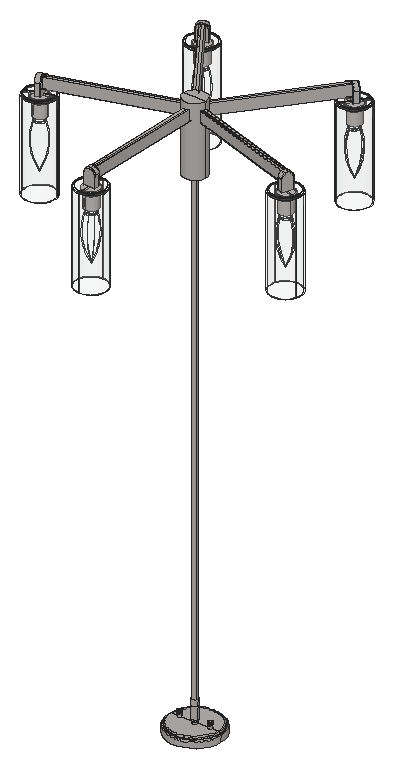
Revit family "Light_Fixture-Chandelier-KOHLER-Crue-K-35878", category Lighting Fixtures, host Face, Revit 2024 (continued)
Definition of nested family "K-35878"
  Forms (in)
    Revolve 1, solid, material <- "Material", detail levels medium+fine
      sketch origin (0, 0, 0) x (1, 0, 0) y (0, 0, 1)
        axis (0, 44.57134) -> (0, 50.84646)
      angle from 0 to 360
    Revolve 2, solid
      sketch origin (0, 0, 0) x (0, 1, 0) y (0, 0, 1)
        loop
          line (12.94488, 40.75984) -> (12.94488, 48.75197)
          arc (12.94488, 48.75197) -> (12.92182, 48.80765) -> (12.86614, 48.83071) r 0.07874
          line (12.86614, 48.83071) -> (12.74803, 48.83071) -> (12.74803, 48.87795) -> (11.56693, 48.87795) -> (11.56693, 48.73228) -> (12.84646, 48.73228) -> (12.84646, 40.75984) -> (12.94488, 40.75984)
        axis (11.56693, 48.87795) -> (11.56693, 40.75984)
      angle from 0 to 360
    Revolve 3, solid, material <- "Material"
      sketch origin (0, 0, 0) x (0, 1, 0) y (0, 0, 1)
        loop
          line (12.15349, 47.11571) -> (12.15349, 48.37717) -> (12.28525, 48.37717)
          arc (12.28525, 48.37717) -> (12.30752, 48.38639) -> (12.31675, 48.40867) r 0.0315
          line (12.31675, 48.40867) -> (12.31675, 48.66142)
          arc (12.31675, 48.66142) -> (12.30752, 48.68369) -> (12.28525, 48.69291) r 0.0315
          line (12.28525, 48.69291) -> (12.31675, 48.69291) -> (12.31675, 48.73228) -> (11.56693, 48.73228) -> (11.56693, 48.63821) -> (12.23415, 48.63821) -> (12.23415, 48.44136) -> (12.08151, 48.44136) -> (12.08151, 47.11571) -> (12.15349, 47.11571)
        axis (11.56693, 47.11571) -> (11.56693, 48.73228)
      angle from 0 to 360
    Revolve 4, solid
      sketch origin (0, 0, 0) x (-0.951057, 0.309017, 0) y (0, 0, 1)
        loop
          line (12.94488, 40.75984) -> (12.94488, 48.75197)
          arc (12.94488, 48.75197) -> (12.92182, 48.80765) -> (12.86614, 48.83071) r 0.07874
          line (12.86614, 48.83071) -> (12.74803, 48.83071) -> (12.74803, 48.87795) -> (11.56693, 48.87795) -> (11.56693, 48.73228) -> (12.84646, 48.73228) -> (12.84646, 40.75984) -> (12.94488, 40.75984)
        axis (11.56693, 48.87795) -> (11.56693, 40.75984)
      angle from 0 to 360
    Revolve 5, solid
      sketch origin (0, 0, 0) x (-0.589231, -0.807965, 0) y (0, 0, 1)
        loop
          line (12.94488, 40.75984) -> (12.94488, 48.75197)
          arc (12.94488, 48.75197) -> (12.92182, 48.80765) -> (12.86614, 48.83071) r 0.07874
          line (12.86614, 48.83071) -> (12.74803, 48.83071) -> (12.74803, 48.87795) -> (11.56693, 48.87795) -> (11.56693, 48.73228) -> (12.84646, 48.73228) -> (12.84646, 40.75984) -> (12.94488, 40.75984)
        axis (11.56693, 48.87795) -> (11.56693, 40.75984)
      angle from 0 to 360
    Revolve 6, solid
      sketch origin (0, 0, 0) x (0.589231, -0.807965, 0) y (0, 0, 1)
        loop
          line (12.94488, 40.75984) -> (12.94488, 48.75197)
          arc (12.94488, 48.75197) -> (12.92182, 48.80765) -> (12.86614, 48.83071) r 0.07874
          line (12.86614, 48.83071) -> (12.74803, 48.83071) -> (12.74803, 48.87795) -> (11.56693, 48.87795) -> (11.56693, 48.73228) -> (12.84646, 48.73228) -> (12.84646, 40.75984) -> (12.94488, 40.75984)
        axis (11.56693, 48.87795) -> (11.56693, 40.75984)
      angle from 0 to 360
    Revolve 7, solid
      sketch origin (0, 0, 0) x (0.951057, 0.309017, 0) y (0, 0, 1)
        loop
          line (12.94488, 40.75984) -> (12.94488, 48.75197)
          arc (12.94488, 48.75197) -> (12.92182, 48.80765) -> (12.86614, 48.83071) r 0.07874
          line (12.86614, 48.83071) -> (12.74803, 48.83071) -> (12.74803, 48.87795) -> (11.56693, 48.87795) -> (11.56693, 48.73228) -> (12.84646, 48.73228) -> (12.84646, 40.75984) -> (12.94488, 40.75984)
        axis (11.56693, 48.87795) -> (11.56693, 40.75984)
      angle from 0 to 360
    Revolve 8, solid, material <- "Material"
      sketch origin (0, 0, 0) x (-0.951057, 0.309017, 0) y (0, 0, 1)
        loop
          line (12.15349, 47.11571) -> (12.15349, 48.37717) -> (12.28525, 48.37717)
          arc (12.28525, 48.37717) -> (12.30752, 48.38639) -> (12.31675, 48.40867) r 0.0315
          line (12.31675, 48.40867) -> (12.31675, 48.66142)
          arc (12.31675, 48.66142) -> (12.30752, 48.68369) -> (12.28525, 48.69291) r 0.0315
          line (12.28525, 48.69291) -> (12.31675, 48.69291) -> (12.31675, 48.73228) -> (11.56693, 48.73228) -> (11.56693, 48.63821) -> (12.23415, 48.63821) -> (12.23415, 48.44136) -> (12.08151, 48.44136) -> (12.08151, 47.11571) -> (12.15349, 47.11571)
        axis (11.56693, 47.11571) -> (11.56693, 48.73228)
      angle from 0 to 360
    Revolve 9, solid, material <- "Material"
      sketch origin (0, 0, 0) x (-0.589231, -0.807965, 0) y (0, 0, 1)
        loop
          line (12.15349, 47.11571) -> (12.15349, 48.37717) -> (12.28525, 48.37717)
          arc (12.28525, 48.37717) -> (12.30752, 48.38639) -> (12.31675, 48.40867) r 0.0315
          line (12.31675, 48.40867) -> (12.31675, 48.66142)
          arc (12.31675, 48.66142) -> (12.30752, 48.68369) -> (12.28525, 48.69291) r 0.0315
          line (12.28525, 48.69291) -> (12.31675, 48.69291) -> (12.31675, 48.73228) -> (11.56693, 48.73228) -> (11.56693, 48.63821) -> (12.23415, 48.63821) -> (12.23415, 48.44136) -> (12.08151, 48.44136) -> (12.08151, 47.11571) -> (12.15349, 47.11571)
        axis (11.56693, 47.11571) -> (11.56693, 48.73228)
      angle from 0 to 360
    Revolve 10, solid, material <- "Material"
      sketch origin (0, 0, 0) x (0.589231, -0.807965, 0) y (0, 0, 1)
        loop
          line (12.15349, 47.11571) -> (12.15349, 48.37717) -> (12.28525, 48.37717)
          arc (12.28525, 48.37717) -> (12.30752, 48.38639) -> (12.31675, 48.40867) r 0.0315
          line (12.31675, 48.40867) -> (12.31675, 48.66142)
          arc (12.31675, 48.66142) -> (12.30752, 48.68369) -> (12.28525, 48.69291) r 0.0315
          line (12.28525, 48.69291) -> (12.31675, 48.69291) -> (12.31675, 48.73228) -> (11.56693, 48.73228) -> (11.56693, 48.63821) -> (12.23415, 48.63821) -> (12.23415, 48.44136) -> (12.08151, 48.44136) -> (12.08151, 47.11571) -> (12.15349, 47.11571)
        axis (11.56693, 47.11571) -> (11.56693, 48.73228)
      angle from 0 to 360
    Revolve 11, solid, material <- "Material"
      sketch origin (0, 0, 0) x (0.951057, 0.309017, 0) y (0, 0, 1)
        loop
          line (12.15349, 47.11571) -> (12.15349, 48.37717) -> (12.28525, 48.37717)
          arc (12.28525, 48.37717) -> (12.30752, 48.38639) -> (12.31675, 48.40867) r 0.0315
          line (12.31675, 48.40867) -> (12.31675, 48.66142)
          arc (12.31675, 48.66142) -> (12.30752, 48.68369) -> (12.28525, 48.69291) r 0.0315
          line (12.28525, 48.69291) -> (12.31675, 48.69291) -> (12.31675, 48.73228) -> (11.56693, 48.73228) -> (11.56693, 48.63821) -> (12.23415, 48.63821) -> (12.23415, 48.44136) -> (12.08151, 48.44136) -> (12.08151, 47.11571) -> (12.15349, 47.11571)
        axis (11.56693, 47.11571) -> (11.56693, 48.73228)
      angle from 0 to 360
    Sweep 12, solid, material <- "Material", detail levels medium+fine
      path origin (0, 0, 0) x (1, 0, 0) y (0, 0, 1)
        loop
          line (-0.49761, 48.87795) -> (-0.49761, 49.88072)
          arc (-0.49761, 49.88072) -> (0, 50.37833) -> (0.49761, 49.88072) r 0.49761
          line (0.49761, 49.88072) -> (0.49761, 48.87795)
      profile origin (0, 0, 50.37833) x (0, 0, 1) y (0, -1, 0)
        loop
          arc (-0.0315, -11.80657) -> (-0.00922, -11.79734) -> (0, -11.77507) r 0.0315
          line (0, -11.77507) -> (0, -11.35878)
          arc (0, -11.35878) -> (-0.00922, -11.33651) -> (-0.0315, -11.32729) r 0.0315
          line (-0.0315, -11.32729) -> (-0.09703, -11.32729) -> (-0.09703, -11.80657) -> (-0.0315, -11.80657)
    Extrusion 13, solid, material <- "Material", detail levels medium+fine
      sketch origin (0, 0, 0) x (1, 0, 0) y (0, 0, 1)
        loop
          arc (0.40058, 49.88072) -> (0, 50.28131) -> (-0.40058, 49.88072) r 0.40058
          line (-0.40058, 49.88072) -> (-0.40058, 48.87795) -> (0.40058, 48.87795) -> (0.40058, 49.88072)
      from -11.80657 to -11.32729
    Extrusion 14, solid, material <- "Material", detail levels medium+fine
      sketch origin (0, 0, 0) x (1, 0, 0) y (0, 0, 1)
        loop
          line (0, 50.32677) -> (-0.19094, 50.32677)
          arc (-0.19094, 50.32677) -> (-0.20486, 50.32101) -> (-0.21063, 50.30709) r 0.01969
          line (-0.21063, 50.30709) -> (-0.21063, 49.33071)
          arc (-0.21063, 49.33071) -> (-0.20486, 49.31679) -> (-0.19094, 49.31102) r 0.01969
          line (-0.19094, 49.31102) -> (0, 49.31102) -> (0.19094, 49.31102)
          arc (0.19094, 49.31102) -> (0.20486, 49.31679) -> (0.21063, 49.33071) r 0.01969
          line (0.21063, 49.33071) -> (0.21063, 50.30709)
          arc (0.21063, 50.30709) -> (0.20486, 50.32101) -> (0.19094, 50.32677) r 0.01969
          line (0.19094, 50.32677) -> (0, 50.32677)
      from -11.44447 to -0.16725
    Sweep 15, solid, material <- "Material", detail levels medium+fine
      path origin (0, 0, 0) x (0.309017, 0.951057, 0) y (0, 0, 1)
        loop
          line (-0.49761, 48.87795) -> (-0.49761, 49.88072)
          arc (-0.49761, 49.88072) -> (0, 50.37833) -> (0.49761, 49.88072) r 0.49761
          line (0.49761, 49.88072) -> (0.49761, 48.87795)
      profile origin (0, 0, 50.37833) x (0, 0, 1) y (0.951057, -0.309017, 0)
        loop
          arc (-0.0315, -11.80657) -> (-0.00922, -11.79734) -> (0, -11.77507) r 0.0315
          line (0, -11.77507) -> (0, -11.35878)
          arc (0, -11.35878) -> (-0.00922, -11.33651) -> (-0.0315, -11.32729) r 0.0315
          line (-0.0315, -11.32729) -> (-0.09703, -11.32729) -> (-0.09703, -11.80657) -> (-0.0315, -11.80657)
    Extrusion 16, solid, material <- "Material", detail levels medium+fine
      sketch origin (0, 0, 0) x (0.309017, 0.951057, 0) y (0, 0, 1)
        loop
          line (0, 50.32677) -> (-0.19094, 50.32677)
          arc (-0.19094, 50.32677) -> (-0.20486, 50.32101) -> (-0.21063, 50.30709) r 0.01969
          line (-0.21063, 50.30709) -> (-0.21063, 49.33071)
          arc (-0.21063, 49.33071) -> (-0.20486, 49.31679) -> (-0.19094, 49.31102) r 0.01969
          line (-0.19094, 49.31102) -> (0, 49.31102) -> (0.19094, 49.31102)
          arc (0.19094, 49.31102) -> (0.20486, 49.31679) -> (0.21063, 49.33071) r 0.01969
          line (0.21063, 49.33071) -> (0.21063, 50.30709)
          arc (0.21063, 50.30709) -> (0.20486, 50.32101) -> (0.19094, 50.32677) r 0.01969
          line (0.19094, 50.32677) -> (0, 50.32677)
      from -11.44447 to -0.16725
    Sweep 17, solid, material <- "Material", detail levels medium+fine
      path origin (0, 0, 0) x (-0.807965, 0.589231, 0) y (0, 0, 1)
        loop
          line (-0.49761, 48.87795) -> (-0.49761, 49.88072)
          arc (-0.49761, 49.88072) -> (0, 50.37833) -> (0.49761, 49.88072) r 0.49761
          line (0.49761, 49.88072) -> (0.49761, 48.87795)
      profile origin (0, 0, 50.37833) x (0, 0, 1) y (0.589231, 0.807965, 0)
        loop
          arc (-0.0315, -11.80657) -> (-0.00922, -11.79734) -> (0, -11.77507) r 0.0315
          line (0, -11.77507) -> (0, -11.35878)
          arc (0, -11.35878) -> (-0.00922, -11.33651) -> (-0.0315, -11.32729) r 0.0315
          line (-0.0315, -11.32729) -> (-0.09703, -11.32729) -> (-0.09703, -11.80657) -> (-0.0315, -11.80657)
    Extrusion 18, solid, material <- "Material", detail levels medium+fine
      sketch origin (0, 0, 0) x (-0.807965, 0.589231, 0) y (0, 0, 1)
        loop
          line (0, 50.32677) -> (-0.19094, 50.32677)
          arc (-0.19094, 50.32677) -> (-0.20486, 50.32101) -> (-0.21063, 50.30709) r 0.01969
          line (-0.21063, 50.30709) -> (-0.21063, 49.33071)
          arc (-0.21063, 49.33071) -> (-0.20486, 49.31679) -> (-0.19094, 49.31102) r 0.01969
          line (-0.19094, 49.31102) -> (0, 49.31102) -> (0.19094, 49.31102)
          arc (0.19094, 49.31102) -> (0.20486, 49.31679) -> (0.21063, 49.33071) r 0.01969
          line (0.21063, 49.33071) -> (0.21063, 50.30709)
          arc (0.21063, 50.30709) -> (0.20486, 50.32101) -> (0.19094, 50.32677) r 0.01969
          line (0.19094, 50.32677) -> (0, 50.32677)
      from -11.44447 to -0.16725
    Sweep 19, solid, material <- "Material", detail levels medium+fine
      path origin (0, 0, 0) x (-0.807965, -0.589231, 0) y (0, 0, 1)
        loop
          line (-0.49761, 48.87795) -> (-0.49761, 49.88072)
          arc (-0.49761, 49.88072) -> (0, 50.37833) -> (0.49761, 49.88072) r 0.49761
          line (0.49761, 49.88072) -> (0.49761, 48.87795)
      profile origin (0, 0, 50.37833) x (0, 0, 1) y (-0.589231, 0.807965, 0)
        loop
          arc (-0.0315, -11.80657) -> (-0.00922, -11.79734) -> (0, -11.77507) r 0.0315
          line (0, -11.77507) -> (0, -11.35878)
          arc (0, -11.35878) -> (-0.00922, -11.33651) -> (-0.0315, -11.32729) r 0.0315
          line (-0.0315, -11.32729) -> (-0.09703, -11.32729) -> (-0.09703, -11.80657) -> (-0.0315, -11.80657)
    Extrusion 20, solid, material <- "Material", detail levels medium+fine
      sketch origin (0, 0, 0) x (-0.807965, -0.589231, 0) y (0, 0, 1)
        loop
          line (0, 50.32677) -> (-0.19094, 50.32677)
          arc (-0.19094, 50.32677) -> (-0.20486, 50.32101) -> (-0.21063, 50.30709) r 0.01969
          line (-0.21063, 50.30709) -> (-0.21063, 49.33071)
          arc (-0.21063, 49.33071) -> (-0.20486, 49.31679) -> (-0.19094, 49.31102) r 0.01969
          line (-0.19094, 49.31102) -> (0, 49.31102) -> (0.19094, 49.31102)
          arc (0.19094, 49.31102) -> (0.20486, 49.31679) -> (0.21063, 49.33071) r 0.01969
          line (0.21063, 49.33071) -> (0.21063, 50.30709)
          arc (0.21063, 50.30709) -> (0.20486, 50.32101) -> (0.19094, 50.32677) r 0.01969
          line (0.19094, 50.32677) -> (0, 50.32677)
      from -11.44447 to -0.16725
    Sweep 21, solid, material <- "Material", detail levels medium+fine
      path origin (0, 0, 0) x (0.309017, -0.951057, 0) y (0, 0, 1)
        loop
          line (-0.49761, 48.87795) -> (-0.49761, 49.88072)
          arc (-0.49761, 49.88072) -> (0, 50.37833) -> (0.49761, 49.88072) r 0.49761
          line (0.49761, 49.88072) -> (0.49761, 48.87795)
      profile origin (0, 0, 50.37833) x (0, 0, 1) y (-0.951057, -0.309017, 0)
        loop
          arc (-0.0315, -11.80657) -> (-0.00922, -11.79734) -> (0, -11.77507) r 0.0315
          line (0, -11.77507) -> (0, -11.35878)
          arc (0, -11.35878) -> (-0.00922, -11.33651) -> (-0.0315, -11.32729) r 0.0315
          line (-0.0315, -11.32729) -> (-0.09703, -11.32729) -> (-0.09703, -11.80657) -> (-0.0315, -11.80657)
    Extrusion 22, solid, material <- "Material", detail levels medium+fine
      sketch origin (0, 0, 0) x (0.309017, -0.951057, 0) y (0, 0, 1)
        loop
          line (0, 50.32677) -> (-0.19094, 50.32677)
          arc (-0.19094, 50.32677) -> (-0.20486, 50.32101) -> (-0.21063, 50.30709) r 0.01969
          line (-0.21063, 50.30709) -> (-0.21063, 49.33071)
          arc (-0.21063, 49.33071) -> (-0.20486, 49.31679) -> (-0.19094, 49.31102) r 0.01969
          line (-0.19094, 49.31102) -> (0, 49.31102) -> (0.19094, 49.31102)
          arc (0.19094, 49.31102) -> (0.20486, 49.31679) -> (0.21063, 49.33071) r 0.01969
          line (0.21063, 49.33071) -> (0.21063, 50.30709)
          arc (0.21063, 50.30709) -> (0.20486, 50.32101) -> (0.19094, 50.32677) r 0.01969
          line (0.19094, 50.32677) -> (0, 50.32677)
      from -11.44447 to -0.16725
    Extrusion 23, solid, material <- "Material", detail levels medium+fine
      sketch origin (-11.37275, 3.20513, 48.87795) x (0, 0, 1) y (0.309017, 0.951057, 0)
        loop
          line (0, 0.8667) -> (0, 0.06553) -> (1.00277, 0.06553)
          arc (1.00277, 0.06553) -> (1.40335, 0.46611) -> (1.00277, 0.8667) r 0.40058
          line (1.00277, 0.8667) -> (0, 0.8667)
      from -0.47928 to 0
    Extrusion 24, solid, material <- "Material", detail levels medium+fine
      sketch origin (-6.58019, -9.81394, 48.87795) x (0, 0, 1) y (-0.807965, 0.589231, 0)
        loop
          line (0, 0.8667) -> (0, 0.06553) -> (1.00277, 0.06553)
          arc (1.00277, 0.06553) -> (1.40335, 0.46611) -> (1.00277, 0.8667) r 0.40058
          line (1.00277, 0.8667) -> (0, 0.8667)
      from -0.47928 to 0
    Extrusion 25, solid, material <- "Material", detail levels medium+fine
      sketch origin (7.3334, -9.26464, 48.87795) x (0, 0, 1) y (-0.807965, -0.589231, 0)
        loop
          line (0, 0.8667) -> (0, 0.06553) -> (1.00277, 0.06553)
          arc (1.00277, 0.06553) -> (1.40335, 0.46611) -> (1.00277, 0.8667) r 0.40058
          line (1.00277, 0.8667) -> (0, 0.8667)
      from -0.47928 to 0
    Extrusion 26, solid, material <- "Material", detail levels medium+fine
      sketch origin (11.08468, 4.09173, 48.87795) x (0, 0, 1) y (0.309017, -0.951057, 0)
        loop
          line (0, 0.8667) -> (0, 0.06553) -> (1.00277, 0.06553)
          arc (1.00277, 0.06553) -> (1.40335, 0.46611) -> (1.00277, 0.8667) r 0.40058
          line (1.00277, 0.8667) -> (0, 0.8667)
      from -0.47928 to 0
    Revolve 27, solid
      sketch origin (0, 3.57438, 0) x (0, 0, 1) y (-1, 0, 0)
        loop
          line (47.11571, 11.4902) -> (46.79107, 11.4902)
          arc (46.79107, 11.4902) -> (46.72424, 11.49514) -> (46.65887, 11.50983) r 0.45509
          arc (46.65887, 11.50983) -> (44.57379, 11.68757) -> (42.59705, 11.0008) r 5.02617
          line (42.59705, 11.0008) -> (42.75262, 11.0008)
          arc (42.75262, 11.0008) -> (44.64968, 11.61727) -> (46.63599, 11.43448) r 4.94743
          arc (46.63599, 11.43448) -> (46.71268, 11.41725) -> (46.79107, 11.41146) r 0.53383
          line (46.79107, 11.41146) -> (47.11571, 11.41146) -> (47.11571, 11.4902)
        axis (42.59705, 11.0008) -> (47.11571, 11.0008)
      angle from 0 to 360
    Revolve 28, solid
      sketch origin (3.39944, 1.10454, 0) x (0, 0, 1) y (-0.309017, 0.951057, 0)
        loop
          line (47.11571, 11.4902) -> (46.79107, 11.4902)
          arc (46.79107, 11.4902) -> (46.72424, 11.49514) -> (46.65887, 11.50983) r 0.45509
          arc (46.65887, 11.50983) -> (44.57379, 11.68757) -> (42.59705, 11.0008) r 5.02617
          line (42.59705, 11.0008) -> (42.75262, 11.0008)
          arc (42.75262, 11.0008) -> (44.64968, 11.61727) -> (46.63599, 11.43448) r 4.94743
          arc (46.63599, 11.43448) -> (46.71268, 11.41725) -> (46.79107, 11.41146) r 0.53383
          line (46.79107, 11.41146) -> (47.11571, 11.41146) -> (47.11571, 11.4902)
        axis (42.59705, 11.0008) -> (47.11571, 11.0008)
      angle from 0 to 360
    Revolve 29, solid
      sketch origin (2.10097, -2.89173, 0) x (0, 0, 1) y (0.809017, 0.587785, 0)
        loop
          line (47.11571, 11.4902) -> (46.79107, 11.4902)
          arc (46.79107, 11.4902) -> (46.72424, 11.49514) -> (46.65887, 11.50983) r 0.45509
          arc (46.65887, 11.50983) -> (44.57379, 11.68757) -> (42.59705, 11.0008) r 5.02617
          line (42.59705, 11.0008) -> (42.75262, 11.0008)
          arc (42.75262, 11.0008) -> (44.64968, 11.61727) -> (46.63599, 11.43448) r 4.94743
          arc (46.63599, 11.43448) -> (46.71268, 11.41725) -> (46.79107, 11.41146) r 0.53383
          line (46.79107, 11.41146) -> (47.11571, 11.41146) -> (47.11571, 11.4902)
        axis (42.59705, 11.0008) -> (47.11571, 11.0008)
      angle from 0 to 360
    Revolve 30, solid
      sketch origin (-2.09579, -2.89548, 0) x (0, 0, 1) y (0.810067, -0.586338, 0)
        loop
          line (47.11571, 11.4902) -> (46.79107, 11.4902)
          arc (46.79107, 11.4902) -> (46.72424, 11.49514) -> (46.65887, 11.50983) r 0.45509
          arc (46.65887, 11.50983) -> (44.57379, 11.68757) -> (42.59705, 11.0008) r 5.02617
          line (42.59705, 11.0008) -> (42.75262, 11.0008)
          arc (42.75262, 11.0008) -> (44.64968, 11.61727) -> (46.63599, 11.43448) r 4.94743
          arc (46.63599, 11.43448) -> (46.71268, 11.41725) -> (46.79107, 11.41146) r 0.53383
          line (46.79107, 11.41146) -> (47.11571, 11.41146) -> (47.11571, 11.4902)
        axis (42.59705, 11.0008) -> (47.11571, 11.0008)
      angle from 0 to 360
    Revolve 31, solid
      sketch origin (-3.39745, 1.11062, 0) x (0, 0, 1) y (-0.310717, -0.950502, 0)
        loop
          line (47.11571, 11.4902) -> (46.79107, 11.4902)
          arc (46.79107, 11.4902) -> (46.72424, 11.49514) -> (46.65887, 11.50983) r 0.45509
          arc (46.65887, 11.50983) -> (44.57379, 11.68757) -> (42.59705, 11.0008) r 5.02617
          line (42.59705, 11.0008) -> (42.75262, 11.0008)
          arc (42.75262, 11.0008) -> (44.64968, 11.61727) -> (46.63599, 11.43448) r 4.94743
          arc (46.63599, 11.43448) -> (46.71268, 11.41725) -> (46.79107, 11.41146) r 0.53383
          line (46.79107, 11.41146) -> (47.11571, 11.41146) -> (47.11571, 11.4902)
        axis (42.59705, 11.0008) -> (47.11571, 11.0008)
      angle from 0 to 360
    Extrusion 32, solid, material <- "Material", detail levels coarse
      sketch origin (0, 0, 0) x (1, 0, 0) y (0, 1, 0)
        loop
          circle (0, 0) r 1
      from 44.57134 to 50.84646
    Extrusion 33, solid, material <- "Material", detail levels coarse
      sketch origin (0, 0, 0) x (0.302761, 0.953066, 0) y (-0.953066, 0.302761, 0)
        loop
          line (0.25031, 11.32729) -> (-0.17192, 11.32729) -> (-0.17192, 0.50052) -> (0.25031, 0.50052) -> (0.25031, 11.32729)
      from 49.31102 to 50.32677
    Extrusion 34, solid, material <- "Material", detail levels coarse
      sketch origin (-0.09843, 0, 0) x (-0.818204, 0.574928, 0) y (-0.574928, -0.818204, 0)
        loop
          line (0.3551, 11.31802) -> (-0.06665, 11.34681) -> (-0.25739, 0.50453) -> (0.16481, 0.50119) -> (0.3551, 11.31802)
      from 49.31102 to 50.32677
    Extrusion 35, solid, material <- "Material", detail levels coarse
      sketch origin (0.08291, -0.05305, 0) x (0.379331, -0.925261, 0) y (0.925261, 0.379331, 0)
        loop
          line (0.97362, 11.27765) -> (0.55354, 11.30918) -> (-0.25739, 0.50453) -> (0.16481, 0.50119) -> (0.97362, 11.27765)
      from 49.31102 to 50.32677
    Extrusion 36, solid, material <- "Material", detail levels coarse
      sketch origin (0.01117, -0.06209, 0) x (-0.807965, -0.589231, 0) y (0, 0, 1)
        loop
          line (0, 50.32677) -> (-0.21063, 50.32677) -> (-0.21063, 49.31102) -> (0, 49.31102) -> (0.21063, 49.31102) -> (0.21063, 50.32677) -> (0, 50.32677)
      from -11.38772 to -0.16725
    Extrusion 37, solid, material <- "Material", detail levels coarse
      sketch origin (0.02756, 0.02515, 0) x (1, 0, 0) y (0, 0, 1)
        loop
          line (0, 50.32677) -> (-0.21063, 50.32677) -> (-0.21063, 49.31102) -> (0, 49.31102) -> (0.21063, 49.31102) -> (0.21063, 50.32677) -> (0, 50.32677)
      from -11.44447 to -0.16725
    Extrusion 38, solid, material <- "Material", detail levels coarse
      sketch origin (-10.88434, 3.53654, 0) x (-0.309017, -0.951057, 0) y (0, 0, 1)
        loop
          line (-0.52009, 48.77801) -> (0.49761, 48.77801) -> (0.49761, 49.87979)
          arc (0.49761, 49.87979) -> (-0.01124, 50.38864) -> (-0.52009, 49.87979) r 0.50885
          line (-0.52009, 49.87979) -> (-0.52009, 48.77801)
      from -0.11718 to 0.3621
    Extrusion 39, solid, material <- "Material", detail levels coarse
      sketch origin (-6.82296, -9.18873, 0) x (0.807965, -0.589231, 0) y (0, 0, 1)
        loop
          line (-0.40328, 48.80844) -> (0.58105, 48.80844) -> (0.58105, 49.92799)
          arc (0.58105, 49.92799) -> (0.08888, 50.42015) -> (-0.40328, 49.92799) r 0.49216
          line (-0.40328, 49.92799) -> (-0.40328, 48.80844)
      from -0.18437 to 0.3621
    Extrusion 40, solid, material <- "Material", detail levels coarse
      sketch origin (6.74344, -9.24673, 0) x (0.807965, 0.589231, 0) y (0, 0, 1)
        loop
          line (-0.53283, 48.83071) -> (0.58586, 48.83071) -> (0.58586, 49.87868)
          arc (0.58586, 49.87868) -> (0.02651, 50.43802) -> (-0.53283, 49.87868) r 0.55935
          line (-0.53283, 49.87868) -> (-0.53283, 48.83071)
      from -0.11718 to 0.3621
    Extrusion 41, solid, material <- "Material", detail levels coarse
      sketch origin (10.88434, 3.53654, 0) x (-0.309017, 0.951057, 0) y (0, 0, 1)
        loop
          line (-0.49761, 48.87795) -> (0.56131, 48.87795) -> (0.56131, 49.92154)
          arc (0.56131, 49.92154) -> (0.03185, 50.451) -> (-0.49761, 49.92154) r 0.52946
          line (-0.49761, 49.92154) -> (-0.49761, 48.87795)
      from -0.11718 to 0.3621
    Extrusion 42, solid, material <- "Material", detail levels coarse
      sketch origin (0.02756, 11.46962, 0) x (-1, 0, 0) y (0, 0, 1)
        loop
          line (-0.46338, 48.81366) -> (0.57714, 48.81366) -> (0.57714, 49.91287)
          arc (0.57714, 49.91287) -> (0.05688, 50.43313) -> (-0.46338, 49.91287) r 0.52026
          line (-0.46338, 49.91287) -> (-0.46338, 48.81366)
      from -0.14233 to 0.33695
  Cuts and joins
    joined: Sweep 12, Extrusion 13
    joined: Sweep 15, Extrusion 23
    joined: Sweep 17, Extrusion 24
    joined: Sweep 19, Extrusion 25
    joined: Sweep 21, Extrusion 26
  Lines and regions (in)
    Masking region 1
      outline origin (0, 0, 0) x (1, 0, 0) y (0, 1, 0)
        loop
          arc (0, 12.94488) -> (-1.37396, 11.67177) -> (-0.20906, 10.20493) r 1.37795
          line (-0.20906, 10.20493) -> (-0.20906, 2.35294)
          arc (-0.20906, 2.35294) -> (-1.38724, 1.91195) -> (-2.17198, 0.92871) r 2.3622
          line (-2.17198, 0.92871) -> (-9.64037, 3.35534)
          arc (-9.64037, 3.35534) -> (-10.67741, 4.91385) -> (-12.31131, 4.00019) r 1.37795
          arc (-12.31131, 4.00019) -> (-11.52661, 2.30069) -> (-9.77155, 2.95172) r 1.37795
          line (-9.77155, 2.95172) -> (-2.30311, 0.52508)
          arc (-2.30311, 0.52508) -> (-2.24935, -0.7214) -> (-1.56813, -1.76663) r 2.3622
          line (-1.56813, -1.76663) -> (-6.18461, -8.12068)
          arc (-6.18461, -8.12068) -> (-7.98825, -8.62205) -> (-7.62753, -10.45901) r 1.37795
          arc (-7.62753, -10.45901) -> (-5.77105, -10.24438) -> (-5.83591, -8.37666) r 1.37795
          line (-5.83591, -8.37666) -> (-1.21968, -2.02297)
          arc (-1.21968, -2.02297) -> (0.00233, -2.3622) -> (1.22367, -2.02055) r 2.3622
          line (1.22367, -2.02055) -> (5.84313, -8.36942)
          arc (5.84313, -8.36942) -> (5.76772, -10.2405) -> (7.62753, -10.45901) r 1.37795
          arc (7.62753, -10.45901) -> (7.98475, -8.6164) -> (6.17281, -8.12682) r 1.37795
          line (6.17281, -8.12682) -> (1.5541, -1.77898)
          arc (1.5541, -1.77898) -> (2.24789, -0.72596) -> (2.30107, 0.53395) r 2.3622
          line (2.30107, 0.53395) -> (9.76744, 2.95992)
          arc (9.76744, 2.95992) -> (11.52237, 2.29895) -> (12.31131, 4.00019) r 1.37795
          arc (12.31131, 4.00019) -> (10.67911, 4.91425) -> (9.63982, 3.35878) r 1.37795
          line (9.63982, 3.35878) -> (2.17062, 0.93189)
          arc (2.17062, 0.93189) -> (1.38584, 1.91297) -> (0.20906, 2.35294) r 2.3622
          line (0.20906, 2.35294) -> (0.20906, 10.20493)
          arc (0.20906, 10.20493) -> (1.37396, 11.67177) -> (0, 12.94488) r 1.37795
    Masking region 2
      outline origin (0, 0, 0) x (1, 0, 0) y (0, 0, 1)
        loop
          line (0, 40.75984) -> (1.37795, 40.75984) -> (1.37795, 48.77165)
          arc (1.37795, 48.77165) -> (1.36066, 48.81341) -> (1.3189, 48.83071) r 0.05906
          line (1.3189, 48.83071) -> (1.1811, 48.83071) -> (1.1811, 48.87795) -> (0.99731, 48.87795) -> (0.99731, 49.31102) -> (6.26147, 49.31102) -> (6.26147, 48.87795) -> (5.61777, 48.87795) -> (5.61777, 48.83071) -> (5.47997, 48.83071)
          arc (5.47997, 48.83071) -> (5.43821, 48.81341) -> (5.42092, 48.77165) r 0.05906
          line (5.42092, 48.77165) -> (5.42092, 40.75984) -> (8.17682, 40.75984) -> (8.17682, 48.77165)
          arc (8.17682, 48.77165) -> (8.15953, 48.81341) -> (8.11777, 48.83071) r 0.05906
          line (8.11777, 48.83071) -> (7.99769, 48.83071) -> (7.99769, 48.88096) -> (7.3469, 48.88096) -> (7.3469, 49.31069) -> (10.62408, 49.31069) -> (10.62408, 48.87795) -> (9.8197, 48.87795) -> (9.8197, 48.83071) -> (9.68191, 48.83071)
          arc (9.68191, 48.83071) -> (9.64015, 48.81341) -> (9.62285, 48.77165) r 0.05906
          line (9.62285, 48.77165) -> (9.62285, 40.75984) -> (12.37876, 40.75984) -> (12.37876, 48.77165)
          arc (12.37876, 48.77165) -> (12.36146, 48.81341) -> (12.3197, 48.83071) r 0.05906
          line (12.3197, 48.83071) -> (12.18191, 48.83071) -> (12.18191, 48.87795) -> (11.37429, 48.87795) -> (11.37429, 49.92157)
          arc (11.37429, 49.92157) -> (11.36059, 50.095) -> (11.31982, 50.26412) r 1.1043
          arc (11.31982, 50.26412) -> (11.29747, 50.31192) -> (11.26423, 50.35292) r 0.21687
          arc (11.26423, 50.35292) -> (11.24247, 50.36704) -> (11.21701, 50.37198) r 0.06801
          line (11.21701, 50.37198) -> (10.78118, 50.37198)
          arc (10.78118, 50.37198) -> (10.74207, 50.36244) -> (10.71542, 50.33226) r 0.06726
          line (10.71542, 50.33226) -> (7.11306, 50.33226)
          arc (7.11306, 50.33226) -> (7.0428, 50.36435) -> (6.96664, 50.37717) r 0.29612
          line (6.96664, 50.37717) -> (6.68322, 50.37717)
          arc (6.68322, 50.37717) -> (6.59087, 50.36578) -> (6.50406, 50.33226) r 0.37977
          line (6.50406, 50.33226) -> (1, 50.33226) -> (1, 50.84646) -> (0, 50.84646) -> (-1, 50.84646) -> (-1, 50.33226) -> (-6.50406, 50.33226)
          arc (-6.50406, 50.33226) -> (-6.59087, 50.36578) -> (-6.68322, 50.37717) r 0.37977
          line (-6.68322, 50.37717) -> (-6.96664, 50.37717)
          arc (-6.96664, 50.37717) -> (-7.0428, 50.36435) -> (-7.11306, 50.33226) r 0.29612
          line (-7.11306, 50.33226) -> (-10.71542, 50.33226)
          arc (-10.71542, 50.33226) -> (-10.74207, 50.36244) -> (-10.78118, 50.37198) r 0.06726
          line (-10.78118, 50.37198) -> (-11.21701, 50.37198)
          arc (-11.21701, 50.37198) -> (-11.24247, 50.36704) -> (-11.26423, 50.35292) r 0.06801
          arc (-11.26423, 50.35292) -> (-11.29747, 50.31192) -> (-11.31982, 50.26412) r 0.21687
          arc (-11.31982, 50.26412) -> (-11.36059, 50.095) -> (-11.37429, 49.92157) r 1.1043
          line (-11.37429, 49.92157) -> (-11.37429, 48.87795) -> (-12.18191, 48.87795) -> (-12.18191, 48.83071) -> (-12.3197, 48.83071)
          arc (-12.3197, 48.83071) -> (-12.36146, 48.81341) -> (-12.37876, 48.77165) r 0.05906
          line (-12.37876, 48.77165) -> (-12.37876, 40.75984) -> (-9.62285, 40.75984) -> (-9.62285, 48.77165)
          arc (-9.62285, 48.77165) -> (-9.64015, 48.81341) -> (-9.68191, 48.83071) r 0.05906
          line (-9.68191, 48.83071) -> (-9.8197, 48.83071) -> (-9.8197, 48.87795) -> (-10.62408, 48.87795) -> (-10.62408, 49.31069) -> (-7.3469, 49.31069) -> (-7.3469, 48.88096) -> (-7.99769, 48.88096) -> (-7.99769, 48.83071) -> (-8.11777, 48.83071)
          arc (-8.11777, 48.83071) -> (-8.15953, 48.81341) -> (-8.17682, 48.77165) r 0.05906
          line (-8.17682, 48.77165) -> (-8.17682, 40.75984) -> (-5.42092, 40.75984) -> (-5.42092, 48.77165)
          arc (-5.42092, 48.77165) -> (-5.43821, 48.81341) -> (-5.47997, 48.83071) r 0.05906
          line (-5.47997, 48.83071) -> (-5.61777, 48.83071) -> (-5.61777, 48.88096) -> (-6.26147, 48.88096) -> (-6.26147, 49.31102) -> (-0.99731, 49.31102) -> (-0.99731, 48.87795) -> (-1.1811, 48.87795) -> (-1.1811, 48.83071) -> (-1.3189, 48.83071)
          arc (-1.3189, 48.83071) -> (-1.36066, 48.81341) -> (-1.37795, 48.77165) r 0.05906
          line (-1.37795, 48.77165) -> (-1.37795, 40.75984) -> (0, 40.75984)
    Masking region 3
      outline origin (0, 0, 0) x (0, 1, 0) y (0, 0, 1)
        loop
          line (11.56693, 40.75984) -> (12.94488, 40.75984) -> (12.94488, 48.77165)
          arc (12.94488, 48.77165) -> (12.92759, 48.81341) -> (12.88583, 48.83071) r 0.05906
          line (12.88583, 48.83071) -> (12.74803, 48.83071) -> (12.74803, 48.87795) -> (11.80657, 48.87795) -> (11.80657, 50.3533)
          arc (11.80657, 50.3533) -> (11.8008, 50.36722) -> (11.78688, 50.37299) r 0.01969
          line (11.78688, 50.37299) -> (11.33051, 50.37299) -> (11.33051, 50.31496) -> (3.86439, 50.31496)
          arc (3.86439, 50.31496) -> (3.75673, 50.36038) -> (3.64092, 50.37589) r 0.44031
          line (3.64092, 50.37589) -> (3.49337, 50.37589)
          arc (3.49337, 50.37589) -> (3.38285, 50.36036) -> (3.2809, 50.31496) r 0.40095
          line (3.2809, 50.31496) -> (0.9997, 50.31496) -> (0.9997, 50.84646) -> (0, 50.84646) -> (-0.9997, 50.84646) -> (-0.9997, 50.31496) -> (-9.02906, 50.31496)
          arc (-9.02906, 50.31496) -> (-9.09461, 50.36146) -> (-9.17327, 50.37787) r 0.19677
          line (-9.17327, 50.37787) -> (-9.54067, 50.37787)
          arc (-9.54067, 50.37787) -> (-9.63935, 50.34916) -> (-9.71607, 50.28077) r 0.23291
          arc (-9.71607, 50.28077) -> (-9.76002, 50.20945) -> (-9.79387, 50.13282) r 0.61556
          arc (-9.79387, 50.13282) -> (-9.82146, 50.0295) -> (-9.83075, 49.92296) r 0.61556
          line (-9.83075, 49.92296) -> (-9.83075, 48.87795) -> (-10.53894, 48.87795) -> (-10.53894, 48.83071) -> (-10.64164, 48.83071)
          arc (-10.64164, 48.83071) -> (-10.6834, 48.81341) -> (-10.70069, 48.77165) r 0.05906
          line (-10.70069, 48.77165) -> (-10.70069, 40.75984) -> (-7.94479, 40.75984) -> (-7.94479, 48.77165)
          arc (-7.94479, 48.77165) -> (-7.96208, 48.81341) -> (-8.00384, 48.83071) r 0.05906
          line (-8.00384, 48.83071) -> (-8.16555, 48.83071) -> (-8.16555, 48.87739) -> (-8.87402, 48.87739) -> (-8.87402, 49.32915) -> (-1, 49.32915) -> (-1, 44.74409) -> (-0.31496, 44.74409) -> (-0.31496, 44.57134) -> (0.00016, 44.57134) -> (0.31496, 44.57134) -> (0.31496, 44.74409) -> (1, 44.74409) -> (1, 49.32915) -> (3.03526, 49.32915) -> (3.03526, 48.87795) -> (2.39328, 48.87795) -> (2.39328, 48.83071) -> (2.25548, 48.83071)
          arc (2.25548, 48.83071) -> (2.21372, 48.81341) -> (2.19642, 48.77165) r 0.05906
          line (2.19642, 48.77165) -> (2.19642, 40.75984) -> (4.95233, 40.75984) -> (4.95233, 48.77165)
          arc (4.95233, 48.77165) -> (4.93503, 48.81341) -> (4.89328, 48.83071) r 0.05906
          line (4.89328, 48.83071) -> (4.75492, 48.83071) -> (4.75492, 48.87931) -> (4.11067, 48.87931) -> (4.11067, 49.32915) -> (11.32729, 49.32915) -> (11.32729, 48.87795) -> (10.38583, 48.87795) -> (10.38583, 48.83071) -> (10.24803, 48.83071)
          arc (10.24803, 48.83071) -> (10.20627, 48.81341) -> (10.18898, 48.77165) r 0.05906
          line (10.18898, 48.77165) -> (10.18898, 40.75984) -> (11.56693, 40.75984)
    symbolic lines, detail levels medium+fine
      curve 1: arc (-10.25126, 3.55383, 0) -> (-11.71389, 3.8062, 0) -> (-10.38248, 3.15023, 0) r 0.74982
      curve 2: arc (-10.28255, 3.564, 0) -> (-11.68393, 3.79647, 0) -> (-10.41377, 3.16039, 0) r 0.71832
      curve 3: line (-11.08468, 4.09173, 0) -> (-11.37275, 3.20513, 0)
      curve 4: arc (-11.04499, 4.11195, 0) -> (-11.06902, 4.11006, 0) -> (-11.08468, 4.09173, 0) r 0.0315
      curve 5: line (-10.64908, 3.98331, 0) -> (-11.04499, 4.11195, 0)
      curve 6: line (-10.91693, 3.05702, 0) -> (-10.62885, 3.94363, 0)
      curve 7: arc (-10.62885, 3.94363, 0) -> (-10.63075, 3.96766, 0) -> (-10.64908, 3.98331, 0) r 0.0315
      curve 8: arc (-11.35253, 3.16544, 0) -> (-11.37086, 3.1811, 0) -> (-11.37275, 3.20513, 0) r 0.0315
      curve 9: line (-11.35253, 3.16544, 0) -> (-10.95662, 3.0368, 0)
      curve 10: arc (-10.91693, 3.05702, 0) -> (-10.93258, 3.03869, 0) -> (-10.95662, 3.0368, 0) r 0.0315
      curve 11: line (-9.64037, 3.35534, 0) -> (-10.70736, 3.70202, 0)
      curve 12: line (-9.77155, 2.95172, 0) -> (-10.8385, 3.2984, 0)
      curve 13: arc (-11.08468, 4.09173, 0) -> (-11.49926, 3.73634, 0) -> (-11.37275, 3.20513, 0) r 0.52411
      curve 14: arc (-10.69054, 3.99679, 0) -> (-10.83884, 4.07283, 0) -> (-11.00352, 4.09848, 0) r 0.52411
      curve 15: arc (-11.31106, 3.15197, 0) -> (-11.16276, 3.07592, 0) -> (-10.99809, 3.05028, 0) r 0.52411
      curve 16: arc (-10.91693, 3.05702, 0) -> (-10.74947, 3.11446, 0) -> (-10.61069, 3.22438, 0) r 0.52411
      curve 17: arc (-10.47944, 3.62797, 0) -> (-10.52708, 3.79861, 0) -> (-10.62885, 3.94363, 0) r 0.52411
      curve 18: arc (-9.83023, 3.41703, 0) -> (-12.12406, 3.93948, 0) -> (-9.96142, 3.01341, 0) r 1.1811
      curve 19: arc (0.21208, 10.84773, 0) -> (0.00013, 12.31675, 0) -> (-0.21232, 10.8478, 0) r 0.74982
      curve 20: arc (0.21208, 10.88063, 0) -> (0.00013, 12.28525, 0) -> (-0.21232, 10.8807, 0) r 0.71832
      curve 21: line (0.46611, 11.80657, 0) -> (-0.46611, 11.80657, 0)
      curve 22: arc (0.49761, 11.77507, 0) -> (0.48839, 11.79734, 0) -> (0.46611, 11.80657, 0) r 0.0315
      curve 23: line (0.49761, 11.35878, 0) -> (0.49761, 11.77507, 0)
      curve 24: line (-0.46611, 11.32729, 0) -> (0.46611, 11.32729, 0)
      curve 25: arc (0.46611, 11.32729, 0) -> (0.48839, 11.33651, 0) -> (0.49761, 11.35878, 0) r 0.0315
      curve 26: arc (-0.49761, 11.77507, 0) -> (-0.48839, 11.79734, 0) -> (-0.46611, 11.80657, 0) r 0.0315
      curve 27: line (-0.49761, 11.77507, 0) -> (-0.49761, 11.35878, 0)
      curve 28: arc (-0.46611, 11.32729, 0) -> (-0.48839, 11.33651, 0) -> (-0.49761, 11.35878, 0) r 0.0315
      curve 29: line (0.21208, 10.20539, 0) -> (0.21208, 11.32729, 0)
      curve 30: line (-0.21232, 10.20543, 0) -> (-0.21232, 11.32729, 0)
      curve 31: arc (0.46611, 11.80657, 0) -> (0, 12.09104, 0) -> (-0.46611, 11.80657, 0) r 0.52411
      curve 32: arc (0.49761, 11.40239, 0) -> (0.52411, 11.56693, 0) -> (0.49761, 11.73147, 0) r 0.52411
      curve 33: arc (-0.49761, 11.73147, 0) -> (-0.52411, 11.56693, 0) -> (-0.49761, 11.40239, 0) r 0.52411
      curve 34: arc (-0.46611, 11.32729, 0) -> (-0.35974, 11.18578, 0) -> (-0.21232, 11.08775, 0) r 0.52411
      curve 35: arc (0.21208, 11.08765, 0) -> (0.35964, 11.18569, 0) -> (0.46611, 11.32729, 0) r 0.52411
      curve 36: arc (0.21208, 10.40502, 0) -> (0.00012, 12.74803, 0) -> (-0.21232, 10.40507, 0) r 1.1811
      curve 37: arc (10.38234, 3.15043, 0) -> (11.71396, 3.80596, 0) -> (10.25126, 3.55408, 0) r 0.74982
      curve 38: arc (10.41363, 3.1606, 0) -> (11.68401, 3.79623, 0) -> (10.28255, 3.56425, 0) r 0.71832
      curve 39: line (11.37275, 3.20513, 0) -> (11.08468, 4.09173, 0)
      curve 40: arc (11.35253, 3.16544, 0) -> (11.37086, 3.1811, 0) -> (11.37275, 3.20513, 0) r 0.0315
      curve 41: line (10.95662, 3.0368, 0) -> (11.35253, 3.16544, 0)
      curve 42: line (10.62885, 3.94363, 0) -> (10.91693, 3.05702, 0)
      curve 43: arc (10.91693, 3.05702, 0) -> (10.93258, 3.03869, 0) -> (10.95662, 3.0368, 0) r 0.0315
      curve 44: arc (11.04499, 4.11195, 0) -> (11.06902, 4.11006, 0) -> (11.08468, 4.09173, 0) r 0.0315
      curve 45: line (11.04499, 4.11195, 0) -> (10.64908, 3.98331, 0)
      curve 46: arc (10.62885, 3.94363, 0) -> (10.63075, 3.96766, 0) -> (10.64908, 3.98331, 0) r 0.0315
      curve 47: line (9.77144, 2.95194, 0) -> (10.83843, 3.29863, 0)
      curve 48: line (9.64033, 3.35558, 0) -> (10.70728, 3.70225, 0)
      curve 49: arc (11.37275, 3.20513, 0) -> (11.49926, 3.73634, 0) -> (11.08468, 4.09173, 0) r 0.52411
      curve 50: arc (10.99809, 3.05028, 0) -> (11.16276, 3.07592, 0) -> (11.31106, 3.15197, 0) r 0.52411
      curve 51: arc (11.00352, 4.09848, 0) -> (10.83884, 4.07283, 0) -> (10.69054, 3.99679, 0) r 0.52411
      curve 52: arc (10.62885, 3.94363, 0) -> (10.52714, 3.79873, 0) -> (10.47947, 3.62823, 0) r 0.52411
      curve 53: arc (10.61051, 3.22457, 0) -> (10.74936, 3.11453, 0) -> (10.91693, 3.05702, 0) r 0.52411
      curve 54: arc (9.9613, 3.01363, 0) -> (12.12414, 3.93924, 0) -> (9.8302, 3.41727, 0) r 1.1811
      curve 55: arc (6.22046, -8.88954, 0) -> (7.25731, -9.95157, 0) -> (6.56341, -8.63953, 0) r 0.74982
      curve 56: arc (6.23985, -8.91612, 0) -> (7.23875, -9.92612, 0) -> (6.58279, -8.66612, 0) r 0.71832
      curve 57: line (6.58019, -9.81394, 0) -> (7.3334, -9.26464, 0)
      curve 58: arc (6.53619, -9.80705, 0) -> (6.55676, -9.81961, 0) -> (6.58019, -9.81394, 0) r 0.0315
      curve 59: line (6.2909, -9.4707, 0) -> (6.53619, -9.80705, 0)
      curve 60: line (7.05099, -8.8774, 0) -> (6.29779, -9.4267, 0)
      curve 61: arc (6.29779, -9.4267, 0) -> (6.28523, -9.44727, 0) -> (6.2909, -9.4707, 0) r 0.0315
      curve 62: arc (7.34029, -9.22064, 0) -> (7.34596, -9.24407, 0) -> (7.3334, -9.26464, 0) r 0.0315
      curve 63: line (7.34029, -9.22064, 0) -> (7.095, -8.88429, 0)
      curve 64: arc (7.05099, -8.8774, 0) -> (7.07442, -8.87173, 0) -> (7.095, -8.88429, 0) r 0.0315
      curve 65: line (5.84198, -8.37056, 0) -> (6.50304, -9.27701, 0)
      curve 66: line (6.1849, -8.12052, 0) -> (6.84594, -9.02694, 0)
      curve 67: arc (6.58019, -9.81394, 0) -> (7.12441, -9.76913, 0) -> (7.3334, -9.26464, 0) r 0.52411
      curve 68: arc (6.31659, -9.50593, 0) -> (6.39213, -9.65449, 0) -> (6.51049, -9.77182, 0) r 0.52411
      curve 69: arc (7.3146, -9.18541, 0) -> (7.23905, -9.03685, 0) -> (7.12069, -8.91952, 0) r 0.52411
      curve 70: arc (7.05099, -8.8774, 0) -> (6.88166, -8.82574, 0) -> (6.70479, -8.83341, 0) r 0.52411
      curve 71: arc (6.36183, -9.08339, 0) -> (6.30037, -9.24955, 0) -> (6.29779, -9.4267, 0) r 0.52411
      curve 72: arc (5.95961, -8.53185, 0) -> (7.51144, -10.30003, 0) -> (6.30254, -8.28182, 0) r 1.1811
      curve 73: arc (-6.56317, -8.63962, 0) -> (-7.25751, -9.95142, 0) -> (-6.22031, -8.88974, 0) r 0.74982
      curve 74: arc (-6.58255, -8.6662, 0) -> (-7.23895, -9.92598, 0) -> (-6.2397, -8.91633, 0) r 0.71832
      curve 75: line (-7.3334, -9.26464, 0) -> (-6.58019, -9.81394, 0)
      curve 76: arc (-7.34029, -9.22064, 0) -> (-7.34596, -9.24407, 0) -> (-7.3334, -9.26464, 0) r 0.0315
      curve 77: line (-7.095, -8.88429, 0) -> (-7.34029, -9.22064, 0)
      curve 78: line (-6.29779, -9.4267, 0) -> (-7.05099, -8.8774, 0)
      curve 79: arc (-7.05099, -8.8774, 0) -> (-7.07442, -8.87173, 0) -> (-7.095, -8.88429, 0) r 0.0315
      curve 80: arc (-6.53619, -9.80705, 0) -> (-6.55676, -9.81961, 0) -> (-6.58019, -9.81394, 0) r 0.0315
      curve 81: line (-6.53619, -9.80705, 0) -> (-6.2909, -9.4707, 0)
      curve 82: arc (-6.29779, -9.4267, 0) -> (-6.28523, -9.44727, 0) -> (-6.2909, -9.4707, 0) r 0.0315
      curve 83: line (-6.18469, -8.12063, 0) -> (-6.84574, -9.02709, 0)
      curve 84: line (-5.84181, -8.37073, 0) -> (-6.50284, -9.27715, 0)
      curve 85: arc (-7.3334, -9.26464, 0) -> (-7.12441, -9.76913, 0) -> (-6.58019, -9.81394, 0) r 0.52411
      curve 86: arc (-7.12069, -8.91952, 0) -> (-7.23905, -9.03685, 0) -> (-7.3146, -9.18541, 0) r 0.52411
      curve 87: arc (-6.51049, -9.77182, 0) -> (-6.39213, -9.65449, 0) -> (-6.31659, -9.50593, 0) r 0.52411
      curve 88: arc (-6.29779, -9.4267, 0) -> (-6.30035, -9.24968, 0) -> (-6.3617, -9.08362, 0) r 0.52411
      curve 89: arc (-6.70454, -8.83346, 0) -> (-6.88153, -8.82573, 0) -> (-7.05099, -8.8774, 0) r 0.52411
      curve 90: arc (-6.30231, -8.28193, 0) -> (-7.51163, -10.29989, 0) -> (-5.95944, -8.53203, 0) r 1.1811
      curve 91: line (-10.94943, 0, 49.8189) -> (-10.94943, 0, 48.87795)
      curve 92: line (-11.37429, 0, 48.87795) -> (-10.62408, 0, 48.87795)
      curve 93: line (-12.18191, 0, 48.83071) -> (-9.77733, 0, 48.83071)
      curve 94: arc (-10.8576, 0, 50.28831) -> (-10.92625, 0, 50.05805) -> (-10.94943, 0, 49.8189) r 1.24566
      curve 95: arc (-10.78118, 0, 50.37198) -> (-10.82687, 0, 50.33697) -> (-10.8576, 0, 50.28831) r 0.16358
      curve 96: line (-10.62408, 0, 49.31069) -> (-10.83101, 0, 49.31069)
      curve 97: line (-10.71542, 0, 50.33226) -> (-10.83101, 0, 50.33226)
      curve 98: line (-7.3469, 0, 49.31069) -> (-7.3469, 0, 49.90124)
      curve 99: line (-7.3469, 0, 48.88096) -> (-6.24494, 0, 48.88096)
      curve 100: line (-7.99769, 0, 48.83071) -> (-5.61777, 0, 48.83071)
      curve 101: line (-6.53619, 0, 48.88096) -> (-6.53619, 0, 49.90124)
      curve 102: line (-6.26147, 0, 49.31102) -> (-6.26147, 0, 49.90157)
      curve 103: arc (-7.3469, 0, 49.90124) -> (-7.28467, 0, 50.14642) -> (-7.11306, 0, 50.33226) r 0.51416
      curve 104: arc (-6.53619, 0, 49.90124) -> (-6.65976, 0, 50.2221) -> (-6.96664, 0, 50.37717) r 0.47834
      curve 105: arc (-6.26147, 0, 49.90157) -> (-6.32629, 0, 50.14873) -> (-6.50406, 0, 50.33226) r 0.50361
      curve 106: line (-1, 0, 50.72835) -> (1, 0, 50.72835)
      curve 107: line (10.94943, 0, 49.8189) -> (10.94943, 0, 48.87795)
      curve 108: line (11.37429, 0, 48.87795) -> (10.62408, 0, 48.87795)
      curve 109: line (12.18191, 0, 48.83071) -> (9.77733, 0, 48.83071)
      curve 110: arc (10.8576, 0, 50.28831) -> (10.92625, 0, 50.05805) -> (10.94943, 0, 49.8189) r 1.24566
      curve 111: arc (10.78118, 0, 50.37198) -> (10.82687, 0, 50.33697) -> (10.8576, 0, 50.28831) r 0.16358
      curve 112: line (10.62408, 0, 49.31069) -> (10.83101, 0, 49.31069)
      curve 113: line (10.71542, 0, 50.33226) -> (10.83101, 0, 50.33226)
      curve 114: line (7.3469, 0, 49.31069) -> (7.3469, 0, 49.90124)
      curve 115: line (7.3469, 0, 48.88096) -> (6.24494, 0, 48.88096)
      curve 116: line (7.99769, 0, 48.83071) -> (5.61777, 0, 48.83071)
      curve 117: line (6.53619, 0, 48.88096) -> (6.53619, 0, 49.90124)
      curve 118: line (6.26147, 0, 49.31102) -> (6.26147, 0, 49.90157)
      curve 119: arc (7.3469, 0, 49.90124) -> (7.28467, 0, 50.14642) -> (7.11306, 0, 50.33226) r 0.51416
      curve 120: arc (6.53619, 0, 49.90124) -> (6.65976, 0, 50.2221) -> (6.96664, 0, 50.37717) r 0.47834
      curve 121: arc (6.26147, 0, 49.90157) -> (6.32629, 0, 50.14873) -> (6.50406, 0, 50.33226) r 0.50361
      curve 122: line (1, 0, 50.72835) -> (-1, 0, 50.72835)
      curve 123: line (0.66102, 0, 50.33226) -> (0.66102, 0, 49.31102)
      curve 124: line (0.99731, 0, 49.31102) -> (0.66102, 0, 49.31102)
      curve 125: line (1, 0, 50.33226) -> (0.66102, 0, 50.33226)
      curve 126: line (0.96963, 0, 50.34187) -> (0.66847, 0, 50.34187)
      curve 127: arc (1, 0, 50.33251) -> (0.98552, 0, 50.33947) -> (0.96963, 0, 50.34187) r 0.05398
      curve 128: line (0.65204, 0, 50.32543) -> (0.65204, 0, 49.31785)
      curve 129: line (0.96963, 0, 49.30142) -> (0.66847, 0, 49.30142)
      curve 130: arc (0.99731, 0, 49.30906) -> (0.98399, 0, 49.30336) -> (0.96963, 0, 49.30142) r 0.05398
      curve 131: line (-1.1811, 0, 48.83071) -> (0, 0, 48.83071)
      curve 132: line (1.1811, 0, 48.83071) -> (0, 0, 48.83071)
      curve 133: line (-10.83101, 0, 50.33226) -> (-10.83101, 0, 49.31069)
      curve 134: line (10.83101, 0, 50.33226) -> (10.83101, 0, 49.31069)
      curve 135: line (0, 11.80657, 48.87795) -> (0, 11.32729, 48.87795)
      curve 136: line (0, 12.74803, 48.83071) -> (0, 10.38583, 48.83071)
      curve 137: line (0, 11.32729, 49.32915) -> (0, 11.32729, 50.3134)
      curve 138: line (0, 4.75548, 48.83071) -> (0, 2.39328, 48.83071)
      curve 139: line (0, 4.11067, 49.32915) -> (0, 4.11067, 49.9197)
      curve 140: line (0, 3.03526, 49.32915) -> (0, 3.03526, 49.9197)
      curve 141: arc (0, 3.03526, 49.9197) -> (0, 3.10167, 50.15238) -> (0, 3.2809, 50.31496) r 0.44084
      curve 142: arc (0, 4.11067, 49.9197) -> (0, 4.04407, 50.15256) -> (0, 3.86439, 50.31496) r 0.44032
      curve 143: line (0, 3.03526, 48.87795) -> (0, 4.1135, 48.87795)
      curve 144: line (0, 3.2094, 48.87795) -> (0, 3.2094, 49.8622)
      curve 145: arc (0, 3.2094, 49.8622) -> (0, 3.28512, 50.15568) -> (0, 3.49337, 50.37589) r 0.60659
      curve 146: line (0, 1, 50.72835) -> (0, -1, 50.72835)
      curve 147: line (0, -8.87402, 49.32915) -> (0, -8.87402, 49.9197)
      curve 148: line (0, -8.16555, 48.83071) -> (0, -10.53894, 48.83071)
      curve 149: line (0, -8.66361, 48.87795) -> (0, -10.04156, 48.87795)
      curve 150: line (0, -9.07087, 48.87795) -> (0, -9.07087, 49.9197)
      curve 151: arc (0, -8.87402, 49.9197) -> (0, -8.91416, 50.13199) -> (0, -9.02906, 50.31496) r 0.58136
      curve 152: arc (0, -9.07087, 49.9197) -> (0, -9.11495, 50.16418) -> (0, -9.24167, 50.37787) r 0.69992
      curve 153: line (0, -0.31496, 44.74409) -> (0, 0.31288, 44.74409)
      curve 154: line (0, 0.9997, 50.31496) -> (0, 0.13334, 50.31496)
      curve 155: line (0, 1, 49.32915) -> (0, 0.13334, 49.32915)
      curve 156: line (0, -1, 49.32915) -> (0, -0.65196, 49.32915)
      curve 157: line (0, -0.65196, 49.32915) -> (0, -0.65196, 50.31496)
      curve 158: line (0, -0.9997, 50.31496) -> (0, -0.65196, 50.31496)
      curve 159: line (0, 0.13334, 50.31496) -> (0, 0.13334, 49.32915)
      curve 160: line (0, 0.48285, 50.32677) -> (0, 0.14785, 50.32677)
      curve 161: line (0, 0.11636, 50.29528) -> (0, 0.11636, 49.3419)
      curve 162: line (0, 0.14785, 49.3104) -> (0, 0.47581, 49.3104)
      curve 163: arc (0, 0.47581, 49.3104) -> (0, 0.5222, 49.31514) -> (0, 0.56667, 49.32915) r 0.22959
      curve 164: arc (0, 0.56652, 50.31496) -> (0, 0.5251, 50.3238) -> (0, 0.48285, 50.32677) r 0.30232
      curve 165: arc (0, 0.14785, 50.32677) -> (0, 0.12558, 50.31755) -> (0, 0.11636, 50.29528) r 0.0315
      curve 166: arc (0, 0.11636, 49.3419) -> (0, 0.12558, 49.31963) -> (0, 0.14785, 49.3104) r 0.0315
      curve 167: line (0, -0.88969, 50.32677) -> (0, -0.66816, 50.32677)
      curve 168: line (0, -0.63666, 50.29528) -> (0, -0.63666, 49.3419)
      curve 169: line (0, -0.66816, 49.3104) -> (0, -0.89929, 49.3104)
      curve 170: arc (0, -0.95315, 50.31496) -> (0, -0.92196, 50.32379) -> (0, -0.88969, 50.32677) r 0.17642
      curve 171: arc (0, -0.89929, 49.3104) -> (0, -0.93449, 49.31518) -> (0, -0.96714, 49.32915) r 0.13217
      curve 172: arc (0, -0.63666, 49.3419) -> (0, -0.64589, 49.31963) -> (0, -0.66816, 49.3104) r 0.0315
      curve 173: arc (0, -0.66816, 50.32677) -> (0, -0.64589, 50.31755) -> (0, -0.63666, 50.29528) r 0.0315
      curve 174: circle (0, 0, 0) r 1 normal (0, 0, 1)
      curve 175: line (-2.17198, 0.92871, 0) -> (-0.86389, 0.50369, 0)
      curve 176: line (-2.30311, 0.52508, 0) -> (-0.99498, 0.10004, 0)
      curve 177: line (-0.20906, 2.35294, 0) -> (-0.20906, 0.9779, 0)
      curve 178: line (0.20906, 2.35294, 0) -> (0.20906, 0.9779, 0)
      curve 179: line (2.17062, 0.93189, 0) -> (0.86211, 0.50673, 0)
      curve 180: line (2.30107, 0.53395, 0) -> (0.99401, 0.10926, 0)
      curve 181: line (-1.56813, -1.76663, 0) -> (-0.75826, -0.65195, 0)
      curve 182: line (-1.21968, -2.02297, 0) -> (-0.41194, -0.91121, 0)
      curve 183: line (1.22367, -2.02055, 0) -> (0.39376, -0.91921, 0)
      curve 184: line (1.5541, -1.77898, 0) -> (0.74569, -0.66629, 0)
      curve 185: arc (-2.18762, 0.48755, 0) -> (-2.13436, -0.68403, 0) -> (-1.4967, -1.66832, 0) r 2.24129
      curve 186: arc (-1.14833, -1.92476, 0) -> (0.00127, -2.24129, 0) -> (1.15051, -1.92346, 0) r 2.24129
      curve 187: arc (1.48273, -1.68074, 0) -> (2.13289, -0.68859, 0) -> (2.18562, 0.49644, 0) r 2.24129
      curve 188: arc (2.05512, 0.89436, 0) -> (1.31477, 1.81515, 0) -> (0.20906, 2.23152, 0) r 2.24129
      curve 189: arc (-0.20906, 2.23152, 0) -> (-1.31617, 1.81413, 0) -> (-2.05649, 0.89119, 0) r 2.24129
      curve 190: line (-1.41434, 0.16217, 0) -> (-1.4325, 0.18862, 0)
      curve 191: line (-1.45852, 0.14527, 0) -> (-1.46169, 0.17755, 0)
      curve 192: arc (-1.4325, 0.18862, 0) -> (-1.44732, 0.18367, 0) -> (-1.46169, 0.17755, 0) r 0.19634
      curve 193: line (-1.3672, 0.16593, 0) -> (-1.37717, 0.19643, 0)
      curve 194: line (-1.41434, 0.16217, 0) -> (-1.40829, 0.19403, 0)
      curve 195: arc (-1.37717, 0.19643, 0) -> (-1.39278, 0.19585, 0) -> (-1.40829, 0.19403, 0) r 0.19634
      curve 196: line (-1.3209, 0.15626, 0) -> (-1.32187, 0.18833, 0)
      curve 197: line (-1.3672, 0.16593, 0) -> (-1.35241, 0.1948, 0)
      curve 198: arc (-1.32187, 0.18833, 0) -> (-1.33701, 0.19217, 0) -> (-1.35241, 0.1948, 0) r 0.19634
      curve 199: line (-1.2792, 0.13394, 0) -> (-1.2711, 0.16499, 0)
      curve 200: line (-1.3209, 0.15626, 0) -> (-1.29858, 0.17979, 0)
      curve 201: arc (-1.2711, 0.16499, 0) -> (-1.28454, 0.17294, 0) -> (-1.29858, 0.17979, 0) r 0.19634
      curve 202: line (-1.24548, 0.10077, 0) -> (-1.22896, 0.12828, 0)
      curve 203: line (-1.2792, 0.13394, 0) -> (-1.25115, 0.15023, 0)
      curve 204: arc (-1.22896, 0.12828, 0) -> (-1.23962, 0.1397, 0) -> (-1.25115, 0.15023, 0) r 0.19634
      curve 205: line (-1.22247, 0.05945, 0) -> (-1.19887, 0.08119, 0)
      curve 206: line (-1.24548, 0.10077, 0) -> (-1.21398, 0.1085, 0)
      curve 207: arc (-1.19887, 0.08119, 0) -> (-1.20588, 0.09515, 0) -> (-1.21398, 0.1085, 0) r 0.19634
      curve 208: line (-1.21203, 0.01332, 0) -> (-1.18326, 0.02753, 0)
      curve 209: line (-1.22247, 0.05945, 0) -> (-1.19007, 0.05799, 0)
      curve 210: arc (-1.18326, 0.02753, 0) -> (-1.18606, 0.0429, 0) -> (-1.19007, 0.05799, 0) r 0.19634
      curve 211: line (-1.21501, -0.03388, 0) -> (-1.18341, -0.02835, 0)
      curve 212: line (-1.21203, 0.01332, 0) -> (-1.18135, 0.00279, 0)
      curve 213: arc (-1.18341, -0.02835, 0) -> (-1.18176, -0.01282, 0) -> (-1.18135, 0.00279, 0) r 0.19634
      curve 214: line (-1.23117, -0.07834, 0) -> (-1.19929, -0.08193, 0)
      curve 215: line (-1.21501, -0.03388, 0) -> (-1.18854, -0.05263, 0)
      curve 216: arc (-1.19929, -0.08193, 0) -> (-1.19333, -0.06749, 0) -> (-1.18854, -0.05263, 0) r 0.19634
      curve 217: line (-1.2592, -0.11643, 0) -> (-1.22962, -0.12887, 0)
      curve 218: line (-1.23117, -0.07834, 0) -> (-1.21106, -0.10378, 0)
      curve 219: arc (-1.22962, -0.12887, 0) -> (-1.21984, -0.11669, 0) -> (-1.21106, -0.10378, 0) r 0.19634
      curve 220: line (-1.29683, -0.14509, 0) -> (-1.27195, -0.16536, 0)
      curve 221: line (-1.2592, -0.11643, 0) -> (-1.24707, -0.14651, 0)
      curve 222: arc (-1.27195, -0.16536, 0) -> (-1.25914, -0.15643, 0) -> (-1.24707, -0.14651, 0) r 0.19634
      curve 223: line (-1.34101, -0.16199, 0) -> (-1.32285, -0.18844, 0)
      curve 224: line (-1.29683, -0.14509, 0) -> (-1.29366, -0.17737, 0)
      curve 225: arc (-1.32285, -0.18844, 0) -> (-1.30803, -0.18348, 0) -> (-1.29366, -0.17737, 0) r 0.19634
      curve 226: line (-1.38815, -0.16575, 0) -> (-1.37818, -0.19625, 0)
      curve 227: line (-1.34101, -0.16199, 0) -> (-1.34706, -0.19385, 0)
      curve 228: arc (-1.37818, -0.19625, 0) -> (-1.36257, -0.19567, 0) -> (-1.34706, -0.19385, 0) r 0.19634
      curve 229: line (-1.43445, -0.15608, 0) -> (-1.43348, -0.18815, 0)
      curve 230: line (-1.38815, -0.16575, 0) -> (-1.40294, -0.19462, 0)
      curve 231: arc (-1.43348, -0.18815, 0) -> (-1.41834, -0.19199, 0) -> (-1.40294, -0.19462, 0) r 0.19634
      curve 232: line (-1.47615, -0.13376, 0) -> (-1.48425, -0.16481, 0)
      curve 233: line (-1.43445, -0.15608, 0) -> (-1.45677, -0.17961, 0)
      curve 234: arc (-1.48425, -0.16481, 0) -> (-1.47081, -0.17276, 0) -> (-1.45677, -0.17961, 0) r 0.19634
      curve 235: line (-1.50987, -0.10059, 0) -> (-1.52639, -0.1281, 0)
      curve 236: line (-1.47615, -0.13376, 0) -> (-1.5042, -0.15005, 0)
      curve 237: arc (-1.52639, -0.1281, 0) -> (-1.51573, -0.13952, 0) -> (-1.5042, -0.15005, 0) r 0.19634
